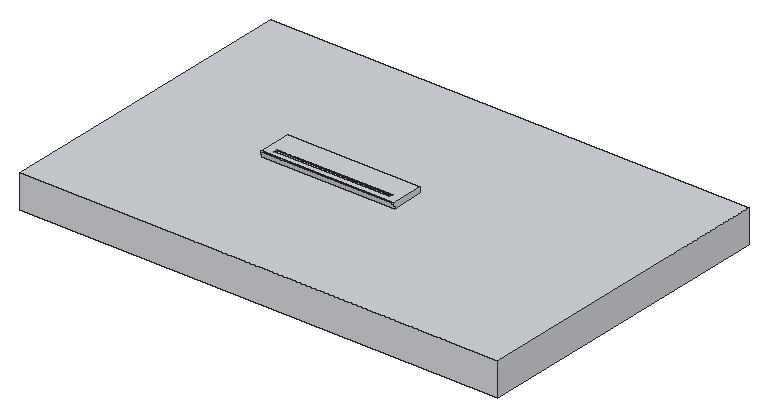
Revit family
Parameters
  Width = 1' - 0"
  URL = "www.coldspringgranite.com"
  TypicalJointSize = 0' - 0 1/4"
  StopCarborundumRight = 0' - 3"
  StopCarborundumLeft = 0' - 3"
  StoneMaterial = none
  SettingSpace = AirGap + Height  # 0' - 2 15/16"
  RightCarborundumVisibilityOn = not(RightCarborundumVisibilityOff)  # no
  RightCarborundumVisibilityOff = StopCarborundumRight > 0' 0"  # yes
  Product Name = "Stair Tread Stone for Veneered Application - Splayed Front Edge with One Carborundum Strip"
  Product Documentation Link = "http://www.coldspringgranite.com/BIM_Families/Family_Detail/Stair_Tread_Stone_for_Veneered_Application_–_Splayed_Front_Edge_with_One_Carborundum_Strip/"
  PhoneNumber = "800-551-7502"
  Notes = ""
  NosingRadius = 0' - 0 1/4"
  Model = "N/A"
  Manufacturer = "Cold Spring Granite Company"
  Low Emitting Material = yes
  Low Emitting Finish = yes
  Location = "17482 Granite West Road, Cold Spring, MN 56320-4578"
  Length = 4' - 0"
  LeftCarborundumVisibilityOff = StopCarborundumLeft > 0' 0"  # yes
  LEED Credit = ""
  Keynote = "096340"
  JointRightOff = no
  JointRight = if(JointRightOff, 0' 0", TypicalJointSize / 2)  # 0' - 0 1/8"
  JointLeftOff = no
  JointLeft = if(JointLeftOff, 0' 0", TypicalJointSize / 2)  # 0' - 0 1/8"
  Height = 0' - 1 15/16"
  Description = "Stone Stair Tread Veneer Splayed Single Carborundum"
  Default Elevation = 0' - 0"
  CarborundumWidth = 0' - 1 1/2"
  LeftCarborundumVisibilityOn = not(LeftCarborundumVisibilityOff)  # no
  CarborundumSetBack = 0' - 2"
  CarborundumDepth = 0' - 0 1/4"
  Assembly Code = "C2010100"
  AngledHeadDepth = 0' - 0 1/2"
  AirGap = 0' - 1"
  ADA Compliant = yes
Reference planes (in)
  plane 1 "Center (Front/Back)": y = 0
  plane 2: z = 0
  plane 3 "Center (Left/Right)": x = 0
  plane 4 "StoneLeft": x = 0.125
  plane 5 "StoneRight": x = 47.875
  plane 6 "Right": x = 48
  plane 7 "CarborundumLeft": x = 3.125
  plane 8 "CarborundumRight": x = 44.875
  plane 9 "StoneBack": y = 12
  plane 10 "StoneFace": z = 2.9375
  plane 11: z = 2.6875
  plane 12 "StoneBottom": z = 1
  plane 13 "CarborundumFront": y = 2
  plane 14 "CarborundumBack": y = 3.5
  plane 15 "AngleHead": y = 0.5
  plane 16 "CarborundumBottom": z = 2.6875
Forms (in)
  Extrusion 1, solid
    sketch origin (0, 0, 0) x (1, 0, 0) y (0, 1, 0)
      loop
        line (-48, 64.5) -> (-48, -48) -> (124.0595, -48) -> (124.0595, 64.5) -> (-48, 64.5)
    from 0 to -12
  Extrusion 2, solid, material <- "StoneMaterial", detail levels medium+fine
    sketch origin (0, 0, 0) x (0, 1, 0) y (0, 0, 1)
      loop
        line (12, 1) -> (12, 2.9375) -> (0.32271, 2.9375)
        arc (0.32271, 2.9375) -> (0.12507, 2.84061) -> (0.08064, 2.62503) r 0.25
        line (0.08064, 2.62503) -> (0.5, 1) -> (12, 1)
    from 0.125 to 47.875
  Extrusion 3, void
    sketch origin (0, 0, 0) x (0, 1, 0) y (0, 0, 1)
      loop
        line (3.5, 2.9375) -> (2, 2.9375) -> (2, 2.6875) -> (3.5, 2.6875) -> (3.5, 2.9375)
    from 3.125 to 44.875
  Extrusion 4, solid, material <- "StoneMaterial", detail levels coarse
    sketch origin (0, 0, 0) x (0, 1, 0) y (0, 0, 1)
      loop
        line (12, 1) -> (12, 2.9375) -> (0, 2.9375) -> (0.5, 1) -> (12, 1)
    from 0 to 48
Cuts and joins
  Extrusion 3 cuts Extrusion 2
Lines and regions (in)
  Masking region 1, detail levels coarse
    outline origin (0, 0, 0) x (1, 0, 0) y (0, 1, 0)
      loop
        line (0, 12) -> (0, 0) -> (48, 0) -> (48, 12) -> (0, 12)
  Masking region 2, detail levels medium+fine
    outline origin (0, 0, 0) x (1, 0, 0) y (0, 1, 0)
      loop
        line (0.125, 12) -> (0.125, 0) -> (47.875, 0) -> (47.875, 12) -> (0.125, 12)
  Masking region 3, detail levels coarse
    outline origin (0, 0, 0) x (0, 1, 0) y (0, 0, 1)
      loop
        line (12, 1) -> (12, 2.9375) -> (0, 2.9375) -> (0.5, 1) -> (12, 1)
  Masking region 4, detail levels fine
    outline origin (0, 0, 0) x (0, 1, 0) y (0, 0, 1)
      loop
        line (12, 2.9375) -> (3.5, 2.9375) -> (3.5, 2.6875) -> (2, 2.6875) -> (2, 2.9375) -> (0.32271, 2.9375) -> (0, 2.9375) -> (0.08064, 2.62503) -> (0.5, 1) -> (12, 1) -> (12, 2.9375)
  Masking region 5, visible <- "LeftCarborundumVisibilityOn", detail levels medium
    outline origin (0, 0, 0) x (0, 1, 0) y (0, 0, 1)
      loop
        line (12, 2.9375) -> (3.5, 2.9375) -> (3.5, 2.6875) -> (2, 2.6875) -> (2, 2.9375) -> (0.32271, 2.9375) -> (0, 2.9375) -> (0.08064, 2.62503) -> (0.5, 1) -> (12, 1) -> (12, 2.9375)
  Masking region 6, visible <- "LeftCarborundumVisibilityOff", detail levels medium
    outline origin (0, 0, 0) x (0, 1, 0) y (0, 0, 1)
      loop
        line (12, 1) -> (12, 2.9375) -> (0.32271, 2.9375) -> (0, 2.9375) -> (0.08064, 2.62503) -> (0.5, 1) -> (12, 1)
  Masking region 7, visible <- "RightCarborundumVisibilityOn", detail levels medium
    outline origin (48, 0, 0) x (0, 1, 0) y (0, 0, 1)
      loop
        line (0.32271, 2.9375) -> (0, 2.9375) -> (0.08064, 2.62503) -> (0.5, 1) -> (12, 1) -> (12, 2.9375) -> (3.5, 2.9375) -> (3.5, 2.6875) -> (2, 2.6875) -> (2, 2.9375) -> (0.32271, 2.9375)
  Masking region 8, visible <- "RightCarborundumVisibilityOff", detail levels medium
    outline origin (48, 0, 0) x (0, 1, 0) y (0, 0, 1)
      loop
        line (0.32271, 2.9375) -> (0, 2.9375) -> (0.08064, 2.62503) -> (0.5, 1) -> (12, 1) -> (12, 2.9375) -> (0.32271, 2.9375)
  Masking region 9, detail levels coarse
    outline origin (0, 0, 0) x (1, 0, 0) y (0, 0, 1)
      loop
        line (0, 2.9375) -> (0, 1) -> (48, 1) -> (48, 2.9375) -> (0, 2.9375)
  Masking region 10, detail levels medium+fine
    outline origin (0, 0, 0) x (1, 0, 0) y (0, 0, 1)
      loop
        line (0.125, 2.9375) -> (0.125, 1) -> (47.875, 1) -> (47.875, 2.9375) -> (0.125, 2.9375)
  symbolic lines, detail levels medium+fine
    curve 1: line (3.125, 3.5, 0) -> (44.875, 3.5, 0)
    curve 2: line (44.875, 2, 0) -> (3.125, 2, 0)
    curve 3: line (44.875, 3.5, 0) -> (44.875, 2, 0)
    curve 8: line (3.125, 3.5, 0) -> (3.125, 2, 0)
    curve 9: arc (0, 0.32271, 2.9375) -> (0, 0.12507, 2.84061) -> (0, 0.08064, 2.62503) r 0.25
  reference lines
    curve 4: line (0, 0, 2.9375) -> (0, 0.5, 1)
    curve 5: line (0, 1.97306, -3.70763) -> (0, 0.14753, 3.36632)
    curve 6: line (0, 0.32271, 2.6875) -> (0, 0.32271, 6.4375)
    curve 7: line (0, 0.32271, 2.6875) -> (0, -2.58213, 1.93787)
Dimensions and locks (in)
  "Length": plane 3 "Center (Left/Right)" to plane 6 "Right"
  "JointLeft": plane 3 "Center (Left/Right)" to plane 4 "StoneLeft"
  "JointRight": plane 5 "StoneRight" to plane 6 "Right"
  "Width": plane 1 "Center (Front/Back)" to plane 9 "StoneBack"
  "StopCarborundumLeft": plane 7 "CarborundumLeft" to plane 4 "StoneLeft"
  "StopCarborundumRight": plane 5 "StoneRight" to plane 8 "CarborundumRight"
  "SettingSpace": plane 10 "StoneFace" to plane 2
  "CarborundumDepth": plane 10 "StoneFace" to plane 11
  "CarborundumSetBack": plane 13 "CarborundumFront" to plane 1 "Center (Front/Back)"
  "CarborundumWidth": plane 14 "CarborundumBack" to plane 13 "CarborundumFront"
  "Height": plane 10 "StoneFace" to plane 12 "StoneBottom"
  "AngledHeadDepth": plane 15 "AngleHead" to plane 1 "Center (Front/Back)"
  "NosingRadius": plane 10 "StoneFace" to plane 16 "CarborundumBottom"
  "NosingRadius": curve 4 to curve 5
  "NosingRadius": radius of Extrusion 2 sketch curve
  angle plane 16 "CarborundumBottom" to curve 6 = 90.00°
  angle curve 5 to curve 7 = 90.00°
  aligned and locked: Extrusion 1 to plane 2
  aligned and locked: level to Extrusion 1
  aligned and locked: curve 1 to plane 14 "CarborundumBack"
  aligned and locked: curve 3 to plane 8 "CarborundumRight"
  aligned and locked: plane 1 "Center (Front/Back)" to curve 4
  aligned and locked: plane 10 "StoneFace" to curve 4
  aligned and locked: plane 12 "StoneBottom" to curve 4
  aligned and locked: plane 15 "AngleHead" to curve 4
  aligned and locked: plane 9 "StoneBack" to Extrusion 2 sketch curve
  aligned and locked: plane 10 "StoneFace" to Extrusion 2 sketch curve  (x2)
  aligned and locked: curve 6 to Extrusion 2 sketch curve
  aligned and locked: curve 7 to Extrusion 2 sketch curve
  aligned and locked: curve 4 to Extrusion 2 sketch curve
  aligned and locked: plane 5 "StoneRight" to Extrusion 2
  aligned and locked: Extrusion 2 to plane 4 "StoneLeft"
  aligned and locked: Extrusion 3 sketch curve to plane 10 "StoneFace"
  aligned and locked: Extrusion 3 sketch curve to plane 14 "CarborundumBack"
  aligned and locked: plane 11 to Extrusion 3 sketch curve
  aligned and locked: plane 13 "CarborundumFront" to Extrusion 3 sketch curve
  aligned: plane 5 "StoneRight" to Extrusion 3
  aligned: Extrusion 3 to plane 4 "StoneLeft"
  aligned and locked: plane 8 "CarborundumRight" to Extrusion 3
  aligned and locked: Extrusion 3 to plane 7 "CarborundumLeft"
  aligned and locked: plane 9 "StoneBack" to Extrusion 4 sketch curve
  aligned and locked: plane 10 "StoneFace" to Extrusion 4 sketch curve
  aligned and locked: Extrusion 4 sketch curve to cut or joined group of Extrusion 2, Extrusion 3
  aligned and locked: plane 6 "Right" to Extrusion 4
  aligned and locked: Extrusion 4 to plane 3 "Center (Left/Right)"
  aligned and locked: curve 8 to cut or joined group of Extrusion 2, Extrusion 3
  aligned and locked: Extrusion 4 sketch curve to plane 12 "StoneBottom"
  aligned and locked: Extrusion 2 sketch curve to plane 12 "StoneBottom"
  aligned and locked: Masking region 1 sketch curve to plane 9 "StoneBack"
  aligned and locked: plane 3 "Center (Left/Right)" to Masking region 1 sketch curve
  aligned and locked: Masking region 1 sketch curve to plane 6 "Right"
  aligned and locked: Masking region 1 sketch curve to plane 1 "Center (Front/Back)"
  aligned and locked: Masking region 2 sketch curve to plane 9 "StoneBack"
  aligned and locked: plane 4 "StoneLeft" to Masking region 2 sketch curve
  aligned and locked: Masking region 2 sketch curve to plane 5 "StoneRight"
  aligned and locked: Masking region 2 sketch curve to plane 1 "Center (Front/Back)"
  aligned and locked: plane 9 "StoneBack" to Masking region 3 sketch curve
  aligned and locked: plane 10 "StoneFace" to Masking region 3 sketch curve
  aligned and locked: plane 12 "StoneBottom" to Masking region 3 sketch curve
  aligned and locked: Masking region 3 sketch curve to curve 4
  aligned and locked: plane 10 "StoneFace" to Masking region 4 sketch curve  (x3)
  aligned and locked: plane 9 "StoneBack" to Masking region 4 sketch curve
  aligned and locked: plane 12 "StoneBottom" to Masking region 4 sketch curve
  aligned and locked: curve 4 to Masking region 4 sketch curve
  aligned and locked: curve 6 to Masking region 4 sketch curve
  aligned and locked: curve 7 to Masking region 4 sketch curve
  aligned and locked: plane 1 "Center (Front/Back)" to Masking region 4 sketch curve
  aligned and locked: curve 6 to curve 9
  aligned and locked: plane 10 "StoneFace" to curve 9
  aligned and locked: curve 4 to curve 9
  aligned and locked: curve 7 to curve 9
  aligned and locked: plane 14 "CarborundumBack" to Masking region 4 sketch curve
  aligned and locked: plane 13 "CarborundumFront" to Masking region 4 sketch curve
  aligned and locked: plane 11 to Masking region 4 sketch curve
  aligned and locked: plane 10 "StoneFace" to Masking region 5 sketch curve  (x3)
  aligned and locked: plane 9 "StoneBack" to Masking region 5 sketch curve
  aligned and locked: plane 12 "StoneBottom" to Masking region 5 sketch curve
  aligned and locked: plane 11 to Masking region 5 sketch curve
  aligned and locked: curve 6 to Masking region 5 sketch curve
  aligned and locked: curve 4 to Masking region 5 sketch curve
  aligned and locked: curve 7 to Masking region 5 sketch curve
  aligned and locked: plane 1 "Center (Front/Back)" to Masking region 5 sketch curve
  aligned and locked: plane 9 "StoneBack" to Masking region 6 sketch curve
  aligned and locked: plane 10 "StoneFace" to Masking region 6 sketch curve  (x3)
  aligned and locked: plane 12 "StoneBottom" to Masking region 6 sketch curve
  aligned and locked: curve 7 to Masking region 6 sketch curve
  aligned and locked: curve 4 to Masking region 6 sketch curve
  aligned and locked: curve 6 to Masking region 6 sketch curve
  aligned and locked: plane 1 "Center (Front/Back)" to Masking region 6 sketch curve
  aligned and locked: Masking region 7 sketch curve to plane 13 "CarborundumFront"
  aligned and locked: Masking region 7 sketch curve to plane 11
  aligned and locked: Masking region 7 sketch curve to plane 14 "CarborundumBack"
  aligned and locked: Masking region 7 sketch curve to plane 9 "StoneBack"
  aligned and locked: Masking region 7 sketch curve to plane 12 "StoneBottom"
  aligned and locked: curve 4 to Masking region 7 sketch curve
  aligned and locked: curve 6 to Masking region 7 sketch curve
  aligned and locked: plane 10 "StoneFace" to Masking region 7 sketch curve  (x2)
  aligned and locked: curve 7 to Masking region 7 sketch curve
  aligned and locked: plane 1 "Center (Front/Back)" to Masking region 7 sketch curve
  aligned and locked: Masking region 8 sketch curve to plane 12 "StoneBottom"
  aligned and locked: Masking region 8 sketch curve to plane 9 "StoneBack"
  aligned and locked: curve 6 to Masking region 8 sketch curve
  aligned and locked: curve 7 to Masking region 8 sketch curve
  aligned and locked: curve 4 to Masking region 8 sketch curve
  aligned and locked: plane 10 "StoneFace" to Masking region 8 sketch curve  (x2)
  aligned and locked: plane 1 "Center (Front/Back)" to Masking region 8 sketch curve
  aligned and locked: plane 13 "CarborundumFront" to Masking region 5 sketch curve
  aligned and locked: plane 14 "CarborundumBack" to Masking region 5 sketch curve
  aligned and locked: plane 3 "Center (Left/Right)" to Masking region 9 sketch curve
  aligned and locked: plane 12 "StoneBottom" to Masking region 9 sketch curve
  aligned and locked: Masking region 9 sketch curve to plane 6 "Right"
  aligned and locked: Masking region 9 sketch curve to plane 10 "StoneFace"
  aligned and locked: Masking region 10 sketch curve to plane 10 "StoneFace"
  aligned and locked: plane 4 "StoneLeft" to Masking region 10 sketch curve
  aligned and locked: plane 12 "StoneBottom" to Masking region 10 sketch curve
  aligned and locked: Masking region 10 sketch curve to plane 5 "StoneRight"
  aligned and locked: plane 7 "CarborundumLeft" to curve 1
  aligned and locked: plane 7 "CarborundumLeft" to curve 2
  aligned and locked: plane 13 "CarborundumFront" to curve 8
  aligned and locked: plane 14 "CarborundumBack" to curve 3
  aligned and locked: plane 8 "CarborundumRight" to curve 2
  aligned and locked: plane 13 "CarborundumFront" to curve 3
Automatic sketch dimensions
  Extrusion 1 sketch curve to Extrusion 1 sketch curve = 14' - 4.0595"
  Extrusion 1 sketch curve to Extrusion 1 sketch curve = 9' - 4 1/2"
  curve 6 to plane 16 "CarborundumBottom" = 0' - 0"
  curve 7 to curve 6 = 0' - 0"
  curve 5 to plane 13 "CarborundumFront" = 0' - 0.02694"
  Masking region 5 sketch curve to plane 15 "AngleHead" = 0' - 0"
  Masking region 6 sketch curve to plane 15 "AngleHead" = 0' - 0"
  Masking region 7 sketch curve to plane 10 "StoneFace" = 0' - 0"
  Masking region 8 sketch curve to plane 15 "AngleHead" = 0' - 0"
Nested families (in)
  nested 1: "CopyRight" at (0, 0, 0), type "CopyRight"
Definition of nested family "CopyRight"
  Parameters (values of type "CopyRight")
    CopyRight = "Cold Spring Granite Company"
  Reference planes (in)
    plane 1: z = 0
